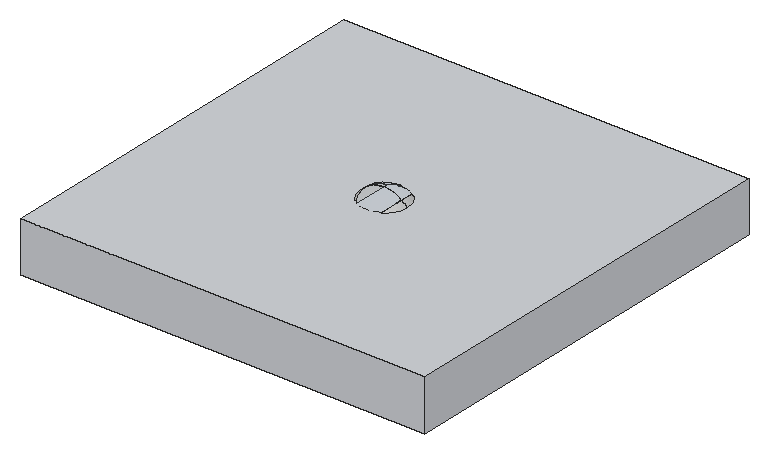
Revit family "GALAD Раунд LED", category Осветительные приборы, Revit 2018 (continued)
Parameters (values of type "GALAD Раунд LED-9 ECO IP30 Датчик звука")
    .21 167.16 153.98 140.68 126.89 113.23 99.68 86.63 74.18 62.47 51.61 41.73 33.19 25.62 19.16 13.79 9.39 6.10 3.66 1.95 1.10 0.49 0.24 0.00 0.00 0.00 0.00 0.00 0.12 0.12 0.12 0.12 0.12 0.00 0.00 0.12 0.12 0.12 0.12 0.12 0.12 0.12 0.12 0.12 0.12 0.00 0.00 0.00 0.00 0.00 0.00 \r\n332.61 329.68 327.85 326.26 324.19 321.63 318.09 313.82 308.69 303.20 297.10 290.63 283.07 275.14 266.72 257.69 247.93 238.17 227.31 215.96 204.13 192.17 179.85 166.91 153.61 140.07 126.77 113.35 99.81 86.63 74.18 62.35 51.61 41.97 33.31 25.62 19.16 13.79 9.39 5.98 3.66 2.07 1.10 0.49 0.24 0.00 0.00 0.00 0.00 0.00 0.12 0.12 0.12 0.12 0.12 0.00 0.00 0.12 0.12 0.12 0.12 0.12 0.12 0.12 0.12 0.12 0.12 0.00 0.00 0.00 0.00 0.00 0.00 \r\n332.61 329.68 327.97 326.38 324.43 321.87 318.45 314.31 309.55 303.93 297.71 291.12 283.44 275.87 267.57 258.18 248.30 238.54 227.55 216.21 204.62 192.54 179.97 166.79 153.25 139.83 126.04 112.25 98.71 85.65 73.21 61.49 50.76 41.00 32.46 24.89 18.55 13.30 9.03 5.73 3.42 1.95 0.98 0.49 0.24 0.00 0.00 0.00 0.00 0.00 0.12 0.12 0.12 0.12 0.12 0.00 0.00 0.12 0.12 0.12 0.12 0.12 0.12 0.12 0.12 0.12 0.12 0.00 0.12 0.00 0.00 0.00 0.00 \r\n332.61 329.80 328.21 326.75 324.92 322.60 319.31 315.40 310.77 305.28 298.93 292.46 284.90 276.85 268.55 259.16 249.27 239.27 228.41 217.06 205.23 193.02 180.70 167.65 154.47 141.05 127.14 113.35 99.93 86.63 74.06 62.35 51.49 41.61 32.94 25.26 18.79 13.42 9.03 5.73 3.42 1.83 0.98 0.49 0.24 0.00 0.00 0.00 0.00 0.00 0.12 0.12 0.12 0.12 0.12 0.00 0.00 0.12 0.12 0.12 0.12 0.12 0.12 0.12 0.12 0.12 0.00 0.00 0.12 0.00 0.00 0.00 0.00 \r\n332.61 329.92 328.46 327.24 325.65 323.46 320.28 316.50 311.50 306.13 300.15 293.20 285.63 277.70 269.16 259.89 250.13 239.88 228.77 217.31 205.96 193.63 180.95 167.65 154.35 141.05 127.26 113.47 99.93 86.87 74.18 62.35 51.49 41.73 33.07 25.38 18.91 13.54 9.15 5.86 3.54 1.95 0.98 0.49 0.24 0.00 0.00 0.00 0.00 0.00 0.12 0.12 0.12 0.12 0.12 0.00 0.00 0.00 0.00 0.00 0.12 0.12 0.12 0.12 0.12 0.00 0.00 0.00 0.12 0.00 0.00 0.00 0.00 \r\n332.61 330.04 328.82 327.85 326.38 324.07 320.77 316.99 312.11 306.74 300.52 293.69 286.12 277.95 269.65 260.13 250.37 240.00 229.14 217.67 205.96 193.76 180.95 167.77 154.35 140.92 127.26 113.59 100.17 87.12 74.55 62.71 51.73 41.85 33.19 25.62 19.03 13.67 9.27 5.98 3.54 1.95 0.98 0.49 0.24 0.00 0.00 0.00 0.00 0.00 0.12 0.12 0.12 0.12 0.12 0.00 0.00 0.00 0.00 0.00 0.00 0.00 0.12 0.12 0.12 0.00 0.00 0.00 0.12 0.12 0.00 0.00 0.00 \r\n332.61 330.04 329.07 328.46 326.87 324.43 321.02 317.11 312.35 306.62 300.40 293.44 286.12 278.31 269.53 260.01 250.13 240.12 229.51 217.92 205.84 193.63 181.07 168.13 154.71 141.29 127.50 113.84 100.17 87.12 74.67 62.84 51.98 42.09 33.31 25.62 19.16 13.67 9.39 5.98 3.54 1.95 1.10 0.49 0.24 0.12 0.00 0.00 0.00 0.00 0.12 0.12 0.12 0.12 0.12 0.00 0.00 0.00 0.00 0.00 0.00 0.00 0.00 0.12 0.00 0.00 0.00 0.00 0.00 0.12 0.00 0.00 0.00 \r\n332.61 330.17 329.31 328.82 327.24 324.55 321.02 317.11 312.35 306.37 300.27 293.32 285.75 277.95 269.40 260.01 250.13 240.00 229.02 217.55 206.08 193.76 181.07 168.13 154.83 141.29 127.87 114.08 100.42 87.48 74.79 62.84 51.98 42.22 33.31 25.62 19.16 13.79 9.52 6.10 3.66 2.07 1.10 0.49 0.24 0.12 0.00 0.00 0.00 0.00 0.12 0.12 0.12 0.12 0.12 0.00 0.00 0.00 0.00 0.00 0.00 0.00 0.00 0.00 0.00 0.00 0.00 0.00 0.00 0.12 0.00 0.00 0.00 \r\n332.61 330.29 329.56 329.07 327.36 324.55 321.02 316.99 311.99 306.25 300.40 293.32 285.63 277.46 269.28 259.89 250.00 239.76 228.77 217.55 205.96 193.63 180.95 167.65 154.47 141.17 127.50 113.84 100.29 87.12 74.55 62.71 51.86 42.09 33.43 25.87 19.40 13.91 9.64 6.22 3.78 2.07 1.10 0.49 0.24 0.12 0.00 0.00 0.00 0.00 0.12 0.12 0.12 0.12 0.12 0.00 0.00 0.00 0.00 0.00 0.00 0.00 0.00 0.00 0.00 0.00 0.00 0.00 0.00 0.12 0.00 0.00 0.00 \r\n332.61 330.41 329.68 329.19 327.36 324.43 321.02 316.87 311.87 306.37 300.27 293.32 285.63 277.70 269.16 259.77 249.76 239.51 228.65 217.55 205.71 193.39 180.82 167.89 154.59 141.05 127.38 113.84 100.42 87.36 74.79 63.08 52.22 42.34 33.68 25.99 19.40 13.91 9.64 6.22 3.78 2.20 1.10 0.61 0.24 0.12 0.00 0.00 0.00 0.00 0.12 0.12 0.12 0.12 0.00 0.00 0.00 0.00 0.00 0.00 0.00 0.00 0.00 0.00 0.00 0.00 0.00 0.00 0.00 0.12 0.00 0.00 0.00 \r\n332.61 330.53 329.92 329.19 327.36 324.43 320.89 316.75 311.74 306.50 300.15 292.95 285.75 277.82 269.04 259.77 249.76 239.39 228.65 217.31 205.71 193.51 180.82 167.89 154.47 141.05 127.50 113.96 100.29 87.12 74.67 62.84 52.10 42.34 33.55 25.99 19.52 14.15 9.76 6.34 3.90 2.20 1.22 0.61 0.24 0.12 0.00 0.00 0.00 0.00 0.12 0.12 0.12 0.12 0.00 0.00 0.00 0.00 0.00 0.00 0.00 0.00 0.00 0.00 0.00 0.00 0.00 0.00 0.00 0.00 0.00 0.00 0.00 \r\n332.61 330.66 330.04 329.19 327.36 324.43 320.89 316.75 311.74 306.25 300.03 293.08 285.63 277.58 268.92 259.64 249.76 239.51 228.65 217.31 205.59 193.51 180.82 167.77 154.47 140.92 127.50 113.84 100.54 87.48 74.92 63.32 52.47 42.70 33.92 26.23 19.64 14.15 9.76 6.34 3.90 2.20 1.22 0.61 0.24 0.12 0.00 0.00 0.00 0.00 0.12 0.12 0.12 0.12 0.00 0.00 0.00 0.00 0.00 0.00 0.00 0.00 0.00 0.00 0.00 0.00 0.00 0.00 0.00 0.00 0.00 0.00 0.00 \r\n332.61 330.66 330.17 329.19 327.24 324.43 320.77 316.75 311.87 306.25 300.03 293.08 285.51 277.46 268.79 259.64 249.76 239.39 228.77 217.31 205.35 193.15 180.70 167.77 154.59 141.05 127.38 113.72 100.42 87.36 74.92 63.20 52.34 42.58 33.92 26.23 19.77 14.40 10.01 6.47 4.03 2.32 1.22 0.61 0.24 0.12 0.00 0.00 0.00 0.00 0.00 0.12 0.12 0.12 0.00 0.00 0.00 0.00 0.00 0.00 0.00 0.00 0.00 0.00 0.00 0.00 0.00 0.00 0.00 0.00 0.00 0.00 0.00 \r\n332.61 330.78 330.29 329.31 327.12 324.43 321.02 316.87 311.74 306.01 299.91 292.83 285.39 277.58 268.67 259.52 249.88 239.39 228.65 217.31 205.23 193.15 180.58 167.65 154.47 141.05 127.38 113.72 100.42 87.61 75.28 63.45 52.59 42.83 34.04 26.35 19.89 14.40 10.01 6.59 4.03 2.32 1.22 0.61 0.24 0.12 0.00 0.00 0.00 0.00 0.00 0.12 0.12 0.00 0.00 0.00 0.00 0.00 0.00 0.00 0.00 0.00 0.00 0.00 0.00 0.00 0.00 0.00 0.00 0.00 0.00 0.00 0.00 \r\n332.61 330.90 330.41 329.31 327.12 324.43 321.02 316.75 311.50 306.01 299.79 292.83 285.39 277.58 268.79 259.40 249.76 239.27 228.65 217.18 205.47 193.51 180.82 167.65 154.35 140.92 127.38 113.72 100.42 87.24 74.79 63.20 52.59 42.83 34.16 26.48 20.01 14.64 10.13 6.71 4.15 2.44 1.34 0.61 0.37 0.12 0.00 0.00 0.00 0.00 0.00 0.12 0.12 0.00 0.00 0.00 0.00 0.00 0.00 0.00 0.00 0.00 0.00 0.00 0.00 0.00 0.00 0.00 0.00 0.00 0.00 0.00 0.00 \r\n332.61 330.90 330.41 329.31 327.12 324.31 320.77 316.75 311.74 306.01 299.79 293.08 285.51 277.34 268.79 259.40 249.52 239.02 228.29 217.06 205.35 193.27 180.46 167.52 154.35 140.92 127.38 113.96 100.54 87.61 75.16 63.57 52.71 42.95 34.29 26.60 20.01 14.64 10.25 6.83 4.27 2.44 1.34 0.73 0.37 0.12 0.00 0.00 0.00 0.00 0.00 0.12 0.12 0.00 0.00 0.00 0.00 0.00 0.00 0.00 0.00 0.00 0.00 0.00 0.00 0.00 0.00 0.00 0.00 0.00 0.00 0.00 0.00 \r\n332.61 331.02 330.53 329.31 327.12 324.31 320.53 316.50 311.87 305.89 299.66 292.95 285.27 277.09 268.55 259.40 249.52 239.02 228.29 217.06 205.23 192.90 180.34 167.52 154.22 140.80 127.38 113.84 100.54 87.48 75.16 63.45 52.71 43.07 34.41 26.72 20.13 14.76 10.25 6.83 4.27 2.44 1.34 0.73 0.37 0.12 0.00 0.00 0.00 0.00 0.00 0.12 0.12 0.00 0.00 0.00 0.00 0.00 0.00 0.00 0.00 0.00 0.00 0.00 0.00 0.00 0.00 0.00 0.00 0.00 0.00 0.00 0.00 \r\n332.61 331.02 330.53 329.31 327.12 324.19 320.53 316.50 311.87 305.76 299.42 292.71 284.90 276.85 268.43 259.16 249.39 239.02 228.16 216.82 204.98 192.78 180.46 167.52 154.22 140.68 127.26 113.84 100.42 87.61 75.40 63.81 53.08 43.31 34.65 26.96 20.38 14.89 10.37 6.95 4.27 2.56 1.34 0.73 0.37 0.12 0.00 0.00 0.00 0.00 0.00 0.12 0.12 0.00 0.00 0.00 0.00 0.00 0.00 0.00 0.00 0.00 0.00 0.00 0.00 0.00 0.00 0.00 0.00 0.00 0.00 0.00 0.00 \r\n332.61 331.14 330.53 329.31 327.12 324.19 320.65 316.38 311.50 305.64 299.30 292.71 285.02 276.85 268.31 258.91 249.03 238.90 227.92 216.45 204.86 192.78 180.21 167.28 154.10 140.68 127.14 113.72 100.29 87.36 74.92 63.45 52.83 43.31 34.65 27.09 20.50 15.01 10.62 7.08 4.39 2.56 1.46 0.73 0.37 0.12 0.00 0.00 0.00 0.00 0.00 0.12 0.12 0.00 0.00 0.00 0.00 0.00 0.00 0.00 0.00 0.00 0.00 0.00 0.00 0.00 0.00 0.00 0.00 0.00 0.00 0.00 0.00 \r\n332.61 331.27 330.53 329.31 327.12 324.19 320.53 316.14 311.25 305.64 299.30 292.59 285.02 276.73 268.18 258.79 248.66 238.54 227.80 216.21 204.62 192.41 179.97 167.04 153.86 140.68 127.14 113.59 100.29 87.61 75.28 63.69 53.08 43.44 34.77 27.09 20.62 15.13 10.62 7.08 4.51 2.68 1.46 0.73 0.37 0.12 0.00 0.00 0.00 0.00 0.00 0.12 0.12 0.00 0.00 0.00 0.00 0.00 0.00 0.00 0.00 0.00 0.00 0.00 0.00 0.00 0.00 0.00 0.00 0.00 0.00 0.00 0.00 \r\n332.61 331.27 330.53 329.19 326.99 324.07 320.65 316.26 311.38 305.52 299.18 292.22 285.02 276.73 268.06 258.91 248.91 238.66 227.80 216.33 204.74 192.41 179.97 167.16 153.86 140.31 126.77 113.35 100.05 87.36 75.04 63.45 52.95 43.31 34.77 27.21 20.74 15.25 10.74 7.20 4.51 2.68 1.46 0.73 0.37 0.12 0.00 0.00 0.00 0.00 0.00 0.12 0.00 0.00 0.00 0.00 0.00 0.00 0.00 0.00 0.00 0.00 0.00 0.00 0.00 0.00 0.00 0.00 0.00 0.00 0.00 0.00 0.00 \r\n332.61 331.27 330.66 329.19 326.87 324.07 320.77 316.26 311.38 305.52 299.05 292.22 285.02 276.85 268.06 258.79 248.91 238.90 227.92 216.57 204.62 192.41 179.97 167.28 154.10 140.56 127.14 113.84 100.66 87.85 75.65 64.06 53.32 43.68 35.02 27.45 20.86 15.25 10.86 7.32 4.64 2.81 1.59 0.85 0.37 0.12 0.00 0.00 0.00 0.00 0.00 0.00 0.00 0.00 0.00 0.00 0.00 0.00 0.00 0.00 0.00 0.00 0.00 0.00 0.00 0.00 0.00 0.00 0.00 0.00 0.00 0.00 0.00 \r\n332.61 331.39 330.66 329.19 326.99 324.07 320.41 316.01 311.38 305.64 299.05 292.22 285.02 276.85 268.18 258.79 248.91 238.78 227.92 216.57 204.74 192.54 179.85 166.91 153.86 140.56 127.02 113.47 100.29 87.36 75.28 63.81 53.20 43.56 35.02 27.45 20.99 15.50 10.98 7.32 4.64 2.81 1.59 0.85 0.37 0.12 0.00 0.00 0.00 0.00 0.00 0.00 0.00 0.00 0.00 0.00 0.12 0.00 0.00 0.00 0.00 0.00 0.00 0.00 0.00 0.00 0.00 0.00 0.00 0.00 0.00 0.00 0.00 \r\n332.61 331.39 330.66 329.19 326.99 324.19 320.41 316.01 311.38 305.64 299.05 292.22 284.78 276.73 267.94 258.42 248.66 238.41 227.68 216.33 204.49 192.41 179.85 166.91 153.86 140.44 127.14 113.84 100.66 87.85 75.65 64.18 53.56 43.92 35.26 27.57 20.99 15.50 10.98 7.44 4.76 2.81 1.59 0.85 0.37 0.12 0.00 0.00 0.00 0.00 0.00 0.00 0.00 0.00 0.00 0.00 0.12 0.12 0.12 0.00 0.00 0.00 0.00 0.00 0.00 0.00 0.00 0.00 0.00 0.00 0.00 0.00 0.00 \r\n332.61 331.51 330.66 329.19 326.99 324.19 320.53 316.26 311.38 305.52 299.05 292.22 284.53 276.48 267.82 258.42 248.66 238.41 227.55 216.33 204.62 192.41 179.73 166.91 153.86 140.31 126.89 113.59 100.29 87.48 75.28 63.81 53.32 43.68 35.26 27.70 21.23 15.74 11.10 7.56 4.76 2.93 1.59 0.85 0.37 0.12 0.00 0.00 0.00 0.00 0.00 0.00 0.00 0.00 0.00 0.12 0.12 0.12 0.12 0.00 0.00 0.00 0.00 0.00 0.00 0.00 0.00 0.00 0.00 0.00 0.00 0.00 0.00 \r\n332.61 331.51 330.66 329.19 326.99 324.19 320.53 316.26 311.25 305.52 299.18 292.22 284.53 276.48 267.82 258.55 248.66 238.29 227.43 216.21 204.49 192.17 179.60 166.67 153.61 140.31 127.02 113.72 100.42 87.61 75.53 64.18 53.56 44.05 35.38 27.82 21.23 15.74 11.23 7.56 4.88 2.93 1.71 0.85 0.49 0.12 0.00 0.00 0.00 0.00 0.00 0.00 0.00 0.00 0.00 0.12 0.12 0.12 0.12 0.00 0.00 0.00 0.00 0.00 0.00 0.00 0.00 0.00 0.00 0.00 0.00 0.00 0.00 \r\n332.61 331.51 330.66 329.19 326.99 324.19 320.53 316.01 311.01 305.40 299.05 292.10 284.66 276.48 267.57 258.30 248.42 238.17 227.31 215.96 204.25 192.05 179.60 166.67 153.49 140.31 126.77 113.35 100.29 87.48 75.28 63.93 53.44 43.92 35.38 27.94 21.35 15.74 11.23 7.69 4.88 2.93 1.71 0.85 0.37 0.12 0.00 0.00 0.00 0.00 0.00 0.00 0.00 0.00 0.12 0.12 0.12 0.12 0.12 0.00 0.00 0.00 0.00 0.00 0.00 0.00 0.00 0.00 0.00 0.00 0.00 0.00 0.00 \r\n332.61 331.63 330.66 329.19 326.87 324.19 320.41 316.01 311.01 305.28 299.05 292.10 284.41 276.12 267.45 258.18 248.42 238.05 227.07 215.84 204.01 191.80 179.36 166.55 153.49 140.07 126.65 113.47 100.42 87.61 75.53 64.06 53.56 44.05 35.51 27.94 21.35 15.86 11.23 7.69 4.88 2.93 1.71 0.85 0.37 0.12 0.00 0.00 0.00 0.00 0.00 0.00 0.00 0.00 0.12 0.12 0.12 0.12 0.00 0.00 0.00 0.00 0.00 0.00 0.00 0.00 0.00 0.00 0.00 0.00 0.00 0.00 0.00 \r\n332.61 331.63 330.66 329.19 326.75 324.07 320.28 315.89 311.01 305.15 298.93 292.22 284.41 275.99 267.45 258.30 248.54 238.05 227.19 215.96 204.01 191.93 179.36 166.55 153.37 139.95 126.65 113.35 100.17 87.48 75.28 63.93 53.44 43.92 35.38 27.82 21.35 15.98 11.35 7.69 5.00 3.05 1.71 0.85 0.37 0.12 0.00 0.00 0.00 0.00 0.00 0.00 0.00 0.00 0.12 0.12 0.12 0.12 0.00 0.00 0.00 0.00 0.00 0.00 0.00 0.00 0.00 0.00 0.00 0.00 0.00 0.00 0.00 \r\n332.61 331.75 330.66 329.07 326.75 323.94 320.04 315.65 310.89 305.15 298.69 291.73 284.05 275.87 267.33 257.94 248.17 237.68 226.94 215.72 203.88 191.56 179.11 166.30 153.25 139.95 126.53 113.23 100.05 87.48 75.40 64.06 53.44 43.92 35.51 28.06 21.60 16.11 11.47 7.81 5.00 2.93 1.59 0.73 0.37 0.12 0.00 0.00 0.00 0.00 0.00 0.00 0.00 0.00 0.12 0.12 0.12 0.00 0.00 0.00 0.00 0.00 0.00 0.00 0.00 0.00 0.00 0.00 0.00 0.00 0.00 0.00 0.00 \r\n332.61 331.75 330.66 329.07 326.75 323.82 320.04 315.65 310.77 305.03 298.57 291.49 284.05 275.99 267.45 257.94 248.05 237.56 226.70 215.35 203.76 191.80 179.11 166.30 153.13 139.95 126.53 113.11 100.05 87.36 75.16 63.93 53.32 43.68 35.38 28.06 21.47 15.98 11.47 7.69 4.88 2.81 1.46 0.73 0.37 0.12 0.00 0.00 0.00 0.00 0.00 0.00 0.00 0.00 0.12 0.12 0.12 0.00 0.00 0.00 0.00 0.00 0.00 0.00 0.00 0.00 0.00 0.00 0.00 0.00 0.00 0.00 0.00 \r\n332.61 331.75 330.53 329.07 326.63 323.82 320.16 315.89 310.77 304.79 298.44 291.49 284.17 275.75 267.09 257.69 247.93 237.56 226.70 215.47 203.64 191.56 178.99 166.18 153.00 139.70 126.28 113.11 99.93 87.12 75.16 63.81 53.44 43.80 35.38 27.94 21.60 15.98 11.47 7.81 4.88 2.81 1.46 0.73 0.24 0.12 0.00 0.00 0.00 0.00 0.00 0.00 0.00 0.00 0.00 0.00 0.00 0.00 0.00 0.00 0.00 0.00 0.00 0.00 0.00 0.00 0.00 0.00 0.00 0.00 0.00 0.00 0.00 \r\n332.61 331.88 330.53 328.95 326.63 323.70 320.28 315.89 310.77 304.79 298.32 291.37 284.05 275.75 266.96 257.57 247.69 237.44 226.70 215.23 203.40 191.19 178.87 166.06 152.88 139.58 126.16 112.98 99.93 87.36 75.28 63.93 53.56 43.92 35.38 27.94 21.47 15.86 11.35 7.44 4.51 2.44 1.34 0.61 0.24 0.12 0.00 0.00 0.00 0.00 0.00 0.00 0.00 0.00 0.00 0.00 0.00 0.00 0.00 0.00 0.00 0.00 0.00 0.00 0.00 0.00 0.00 0.00 0.00 0.00 0.00 0.00 0.00 \r\n332.61 331.88 330.53 328.95 326.75 323.58 320.16 315.77 310.64 304.79 298.20 291.24 283.68 275.63 266.96 257.69 247.56 236.95 226.46 215.11 203.40 191.07 178.63 165.69 152.52 139.22 125.92 112.62 99.68 87.12 75.16 63.93 53.56 44.05 35.63 28.06 21.47 15.86 11.23 7.32 4.27 2.32 1.10 0.49 0.24 0.12 0.00 0.00 0.00 0.00 0.00 0.00 0.00 0.00 0.00 0.00 0.00 0.00 0.00 0.00 0.00 0.00 0.00 0.00 0.00 0.00 0.00 0.00 0.00 0.00 0.00 0.00 0.00 \r\n332.61 332.00 330.53 328.95 326.87 323.70 320.16 315.65 310.52 304.79 298.20 291.12 283.31 275.38 266.72 257.45 247.44 236.83 226.21 214.99 203.03 191.07 178.50 165.57 152.52 139.34 126.04 112.74 99.68 87.00 74.92 63.69 53.56 44.17 35.63 28.06 21.47 15.74 10.86 6.71 3.66 1.95 0.98 0.49 0.24 0.12 0.00 0.00 0.00 0.00 0.00 0.00 0.00 0.00 0.00 0.00 0.00 0.00 0.00 0.00 0.00 0.00 0.00 0.00 0.00 0.00 0.00 0.00 0.00 0.00 0.00 0.00 0.00 \r\n332.61 332.00 330.53 328.95 326.87 323.70 320.04 315.65 310.52 304.79 298.20 291.12 283.44 275.38 266.48 257.20 247.32 236.83 225.97 214.74 203.15 190.95 178.50 165.69 152.39 138.97 125.67 112.37 99.44 86.75 74.67 63.57 53.32 44.05 35.75 28.18 21.60 15.74 10.62 6.34 3.05 1.59 0.98 0.49 0.24 0.12 0.00 0.00 0.00 0.00 0.00 0.00 0.00 0.00 0.00 0.00 0.00 0.00 0.00 0.00 0.00 0.00 0.00 0.00 0.00 0.00 0.00 0.00 0.00 0.00 0.00 0.00 0.00 \r\n332.61 332.00 330.53 328.95 326.87 323.58 319.80 315.65 310.28 304.42 298.20 291.24 283.80 275.38 266.48 257.20 247.20 236.58 225.85 214.62 203.15 190.95 178.14 165.33 152.39 139.09 125.67 112.50 99.44 86.87 74.92 63.57 53.32 44.29 35.87 28.06 21.47 15.50 9.64 4.88 2.81 1.71 0.98 0.49 0.24 0.12 0.00 0.00 0.00 0.00 0.00 0.00 0.00 0.00 0.00 0.00 0.00 0.00 0.00 0.00 0.00 0.00 0.00 0.00 0.00 0.00 0.00 0.00 0.00 0.00 0.00 0.00 0.00 \r\n332.61 332.00 330.53 328.95 326.87 323.58 319.67 315.53 310.16 304.30 298.08 291.12 28
